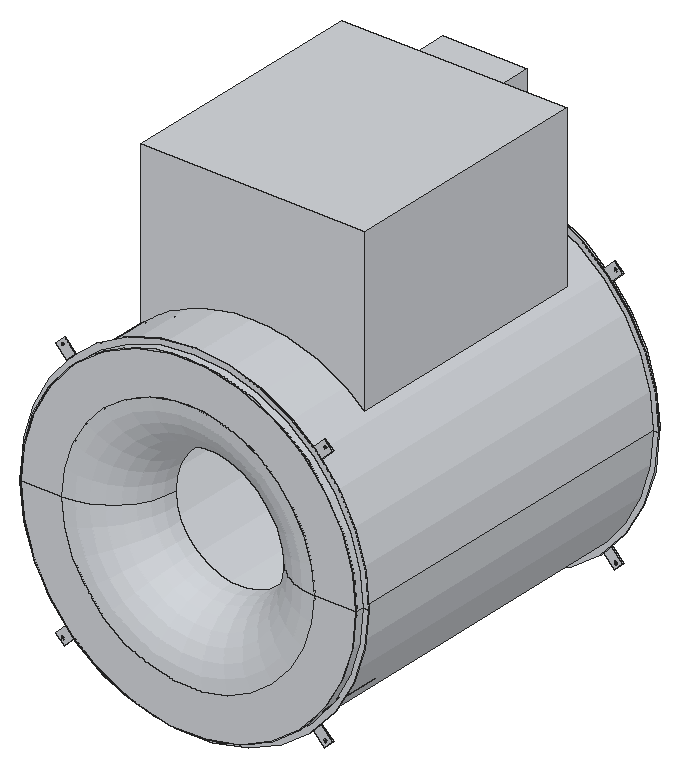
Revit family "QMX_Vertical", category Mechanical Equipment, Revit 2019
Family settings
  Round Connector Dimension = Use Radius
  Part Type = Normal
  Work Plane-Based = No
  Always vertical = Yes
  Cut with Voids When Loaded = No
  Shared = No
  Room Calculation Point = No
Parameters (values of type "600-QMX_VER")
  hole_dia = 7' - 9 3/4"
  hole = (sqrt((hole_dia ^ 2) / 2)) / 2  # 2' - 9.14563"
  Unit Weight [instance] = ""
  Sones [instance] = ""
  Motor RPM [instance] = ""
  Motor Enclosure [instance] = ""
  ModelID [instance] = ""
  MC/2 = 2' - 4 75/256"
  LwA [instance] = ""
  H/2 = H / 2  # 0' - 0 13/32"
  H = 0' - 0 13/16"
  G/2 = G / 2  # 3' - 11 7/16"
  Fan RPM [instance] = ""
  Brake Hp [instance] = ""
  BRACKET/2 = BRACKET / 2  # 0' - 2"
  BRACKET = 0' - 4"
  Accessories [instance] = ""
  45 = 45.00°
  3 = 0' - 3"  # constant formula
  1.9375 = 0' - 1 15/16"  # constant formula
  -(G/2)-.75 = -((G / 2) - 0' 0 3/4")  # -3' - 10 11/16"
  (G/2)-.75 = (G / 2) - 0' 0 3/4"  # 3' - 10 11/16"
  G+1.5 = G + 0' 1 1/2"  # 8' - 0 3/8"
  G = 7' - 10 7/8"
  F/2 = F / 2  # 2' - 8"
  F-1.5 = F - 0' 1 1/2"  # 5' - 2 1/2"
  F+1.5 = F + 0' 1 1/2"  # 5' - 5 1/2"
  F = 5' - 4"
  E-D-1.5 = E - D - 0' 1 1/2"  # 5' - 10 9/16"
  E-D = E - D  # 6' - 0 1/16"
  E = 10' - 2 1/16"
  D = 4' - 2"
  C/2 = C / 2  # 3' - 7 15/16"
  C = 7' - 3 7/8"
  B/8 = B / 6  # 1' - 3.91667"
  B/6 = B / 6  # 1' - 3.91667"
  B/3*2 = B / 3 * 2  # 5' - 3.66667"
  B/2 = B / 2  # 3' - 11 3/4"
  B/10 = B / 10  # 0' - 9.55"
  B = 7' - 11 1/2"
  A/8 = A / 8  # 0' - 10 39/64"
  A/4 = A / 4  # 1' - 9 7/32"
  A/2 = A / 2  # 3' - 6 7/16"
  A = 7' - 0 7/8"
  0 = 0' - 0"  # constant formula
  Voltage [instance] = 0 V
  URL = "www.lorencook.com"
  Type Comments = "Mixed Flow Inline Vertical Mount Belt Drive Arrangement 9"  # constant formula
  Static Pressure [instance] = 0.00 in-wg
  Power [instance] = Voltage * Motor FLA * sqrt(if(Phase = 3, 3, 1))  # 0 VA
  Phase [instance] = 0
  Number of Poles [instance] = 1
  Motor Hp [instance] = "0"
  Motor FLA [instance] = 0 A
  Model = "QMX-Vertical"  # constant formula
  Manufacturer = "Loren Cook Company"
  CFM [instance] = 0 CFM
  1.5 = 0' - 1 1/2"  # constant formula
  ONE EIGTH = 0' - 0 1/8"  # constant formula
  -(B/2) = -(B / 2)  # -3' - 11 3/4"
  (F+3)/2 = (F + 0' 3") / 2  # 2' - 9 1/2"
  (A/2)-.125 = (A / 2) - 0' 0 1/8"  # 3' - 6 5/16"
Types (19): name | hole_dia | hole | MC/2 | H/2 | H | G/2 | BRACKET/2 | BRACKET | -(G/2)-.75 | (G/2)-.75 | G+1.5 | G | F/2 | F-1.5 | F+1.5 | F | E-D-1.5 | E-D | E | D | C/2 | C | B/8 | B/6 | B/3*2 | B/2 | B/10 | B | A/8 | A/4 | A/2 | A | -(B/2) | (F+3)/2 | (A/2)-.125
  (no name) | 7' - 9 3/4" | 2' - 9.14563" | 2' - 4 75/256" | 0' - 0 13/32" | 0' - 0 13/16" | 3' - 11 7/16" | 0' - 2" | 0' - 4" | -3' - 10 11/16" | 3' - 10 11/16" | 8' - 0 3/8" | 7' - 10 7/8" | 2' - 8" | 5' - 2 1/2" | 5' - 5 1/2" | 5' - 4" | 5' - 10 9/16" | 6' - 0 1/16" | 10' - 2 1/16" | 4' - 2" | 3' - 7 15/16" | 7' - 3 7/8" | 1' - 3.91667" | 1' - 3.91667" | 5' - 3.66667" | 3' - 11 3/4" | 0' - 9.55" | 7' - 11 1/2" | 0' - 10 39/64" | 1' - 9 7/32" | 3' - 6 7/16" | 7' - 0 7/8" | -3' - 11 3/4" | 2' - 9 1/2" | 3' - 6 5/16"
  90-QMX_VER | 1' - 7 3/16" | 0' - 6.78381" | 0' - 6" | 0' - 0 1/4" | 0' - 0 1/2" | 0' - 9 3/16" | 0' - 1 1/2" | 0' - 3" | -0' - 8 7/16" | 0' - 8 7/16" | 1' - 7 7/8" | 1' - 6 3/8" | 0' - 6 3/16" | 0' - 10 7/8" | 1' - 1 7/8" | 1' - 0 3/8" | 1' - 9 1/4" | 1' - 10 3/4" | 2' - 7 1/4" | 0' - 8 1/2" | 0' - 7 15/16" | 1' - 3 7/8" | 0' - 3 5/16" | 0' - 3 5/16" | 1' - 1 1/4" | 0' - 9 15/16" | 0' - 1.9875" | 1' - 7 7/8" | 0' - 1 77/128" | 0' - 3 13/64" | 0' - 6 13/32" | 1' - 0 13/16" | -0' - 9 15/16" | 0' - 7 11/16" | 0' - 6 9/32"
  120-QMX_VER | 1' - 11 9/16" | 0' - 8.3306" | 0' - 8" | 0' - 0 1/4" | 0' - 0 1/2" | 0' - 11 1/4" | 0' - 1 1/2" | 0' - 3" | -0' - 10 1/2" | 0' - 10 1/2" | 2' - 0" | 1' - 10 1/2" | 0' - 7 3/4" | 1' - 2" | 1' - 5" | 1' - 3 1/2" | 2' - 0 11/16" | 2' - 2 3/16" | 3' - 0 11/16" | 0' - 10 1/2" | 0' - 10 1/32" | 1' - 8 1/16" | 0' - 4" | 0' - 4" | 1' - 4" | 1' - 0" | 0' - 2.4" | 2' - 0" | 0' - 2 17/128" | 0' - 4 17/64" | 0' - 8 17/32" | 1' - 5 1/16" | -1' - 0" | 0' - 9 1/4" | 0' - 8 13/32"
  135-QMX_VER | 2' - 1 13/16" | 0' - 9.1261" | 0' - 9" | 0' - 0 1/4" | 0' - 0 1/2" | 1' - 0 3/4" | 0' - 1 1/2" | 0' - 3" | -1' - 0" | 1' - 0" | 2' - 3" | 2' - 1 1/2" | 0' - 8 3/4" | 1' - 4" | 1' - 7" | 1' - 5 1/2" | 2' - 2" | 2' - 3 1/2" | 3' - 3 1/2" | 1' - 0" | 0' - 11 1/8" | 1' - 10 1/4" | 0' - 4 1/2" | 0' - 4 1/2" | 1' - 6" | 1' - 1 1/2" | 0' - 2.7" | 2' - 3" | 0' - 2 13/32" | 0' - 4 13/16" | 0' - 9 5/8" | 1' - 7 1/4" | -1' - 1 1/2" | 0' - 10 1/4" | 0' - 9 1/2"
  150-QMX_VER | 2' - 4" | 0' - 9.89949" | 0' - 10" | 0' - 0 1/4" | 0' - 0 1/2" | 1' - 2 5/16" | 0' - 1 1/2" | 0' - 3" | -1' - 1 9/16" | 1' - 1 9/16" | 2' - 6 1/8" | 2' - 4 5/8" | 0' - 9 3/8" | 1' - 5 1/4" | 1' - 8 1/4" | 1' - 6 3/4" | 2' - 3 3/8" | 2' - 4 7/8" | 3' - 6 1/16" | 1' - 1 3/16" | 1' - 0 3/16" | 2' - 0 3/8" | 0' - 5" | 0' - 5" | 1' - 8" | 1' - 3" | 0' - 3" | 2' - 6" | 0' - 2 43/64" | 0' - 5 11/32" | 0' - 10 11/16" | 1' - 9 3/8" | -1' - 3" | 0' - 10 7/8" | 0' - 10 9/16"
  165-QMX_VER | 2' - 6 1/8" | 0' - 10.6508" | 0' - 10" | 0' - 0 1/4" | 0' - 0 1/2" | 1' - 3 13/16" | 0' - 1 1/2" | 0' - 3" | -1' - 3 1/16" | 1' - 3 1/16" | 2' - 9 1/8" | 2' - 7 5/8" | 0' - 10 13/32" | 1' - 7 5/16" | 1' - 10 5/16" | 1' - 8 13/16" | 2' - 3 15/16" | 2' - 5 7/16" | 3' - 7 3/4" | 1' - 2 5/16" | 1' - 1 1/4" | 2' - 2 1/2" | 0' - 5 1/2" | 0' - 5 1/2" | 1' - 10" | 1' - 4 1/2" | 0' - 3.3" | 2' - 9" | 0' - 2 15/16" | 0' - 5 7/8" | 0' - 11 3/4" | 1' - 11 1/2" | -1' - 4 1/2" | 0' - 11 29/32" | 0' - 11 5/8"
  180-QMX_VER | 2' - 8 5/16" | 0' - 11.42419" | 0' - 10" | 0' - 0 9/32" | 0' - 0 9/16" | 1' - 4 13/16" | 0' - 1 1/2" | 0' - 3" | -1' - 4 1/16" | 1' - 4 1/16" | 2' - 11 1/8" | 2' - 9 5/8" | 0' - 11 13/32" | 1' - 9 5/16" | 2' - 0 5/16" | 1' - 10 13/16" | 2' - 5 1/4" | 2' - 6 3/4" | 3' - 10 1/4" | 1' - 3 1/2" | 1' - 2 5/16" | 2' - 4 5/8" | 0' - 5.83333" | 0' - 5.83333" | 1' - 11.33333" | 1' - 5 1/2" | 0' - 3 1/2" | 2' - 11" | 0' - 3 13/64" | 0' - 6 13/32" | 1' - 0 13/16" | 2' - 1 5/8" | -1' - 5 1/2" | 1' - 0 29/32" | 1' - 0 11/16"
  202-QMX_VER | 2' - 11 1/2" | 1' - 0.55115" | 0' - 10" | 0' - 0 9/32" | 0' - 0 9/16" | 1' - 6 1/16" | 0' - 1 1/2" | 0' - 3" | -1' - 5 5/16" | 1' - 5 5/16" | 3' - 1 5/8" | 3' - 0 1/8" | 1' - 0 1/8" | 1' - 10 3/4" | 2' - 1 3/4" | 2' - 0 1/4" | 2' - 7 3/16" | 2' - 8 11/16" | 4' - 1 15/16" | 1' - 5 1/4" | 1' - 3 7/8" | 2' - 7 3/4" | 0' - 6 1/4" | 0' - 6 1/4" | 2' - 1" | 1' - 6 3/4" | 0' - 3 3/4" | 3' - 1 1/2" | 0' - 3 19/32" | 0' - 7 3/16" | 1' - 2 3/8" | 2' - 4 3/4" | -1' - 6 3/4" | 1' - 1 5/8" | 1' - 2 1/4"
  225-QMX_VER | 3' - 2 3/4" | 1' - 1.70019" | 0' - 10 165/256" | 0' - 0 9/32" | 0' - 0 9/16" | 1' - 7 13/16" | 0' - 1 1/2" | 0' - 3" | -1' - 7 1/16" | 1' - 7 1/16" | 3' - 5 1/8" | 3' - 3 5/8" | 1' - 1 15/32" | 2' - 1 7/16" | 2' - 4 7/16" | 2' - 2 15/16" | 2' - 11 5/16" | 3' - 0 13/16" | 4' - 7 13/16" | 1' - 7" | 1' - 5 15/32" | 2' - 10 15/16" | 0' - 6.83333" | 0' - 6.83333" | 2' - 3.33333" | 1' - 8 1/2" | 0' - 4.1" | 3' - 5" | 0' - 3 127/128" | 0' - 7 63/64" | 1' - 3 31/32" | 2' - 7 15/16" | -1' - 8 1/2" | 1' - 2 31/32" | 1' - 3 27/32"
  245-QMX_VER | 3' - 5 9/16" | 1' - 2.69456" | 0' - 11 149/256" | 0' - 0 11/32" | 0' - 0 11/16" | 1' - 9 9/16" | 0' - 1 1/2" | 0' - 3" | -1' - 8 13/16" | 1' - 8 13/16" | 3' - 8 5/8" | 3' - 7 1/8" | 1' - 2 15/32" | 2' - 3 7/16" | 2' - 6 7/16" | 2' - 4 15/16" | 3' - 1" | 3' - 2 1/2" | 4' - 11" | 1' - 8 1/2" | 1' - 6 7/8" | 3' - 1 3/4" | 0' - 7.41667" | 0' - 7.41667" | 2' - 5.66667" | 1' - 10 1/4" | 0' - 4.45" | 3' - 8 1/2" | 0' - 4 11/32" | 0' - 8 11/16" | 1' - 5 3/8" | 2' - 10 3/4" | -1' - 10 1/4" | 1' - 3 31/32" | 1' - 5 1/4"
  270-QMX_VER | 3' - 9 1/8" | 1' - 3.9541" | 1' - 0 197/256" | 0' - 0 11/32" | 0' - 0 11/16" | 1' - 10 13/16" | 0' - 1 1/2" | 0' - 3" | -1' - 10 1/16" | 1' - 10 1/16" | 3' - 11 1/8" | 3' - 9 5/8" | 1' - 3 1/2" | 2' - 5 1/2" | 2' - 8 1/2" | 2' - 7" | 3' - 2 15/16" | 3' - 4 7/16" | 5' - 2 7/8" | 1' - 10 7/16" | 1' - 8 21/32" | 3' - 5 5/16" | 0' - 7.83333" | 0' - 7.83333" | 2' - 7.33333" | 1' - 11 1/2" | 0' - 4.7" | 3' - 11" | 0' - 4 101/128" | 0' - 9 37/64" | 1' - 7 5/32" | 3' - 2 5/16" | -1' - 11 1/2" | 1' - 5" | 1' - 7 1/32"
  300-QMX_VER | 4' - 1 3/8" | 1' - 5.4567" | 1' - 2 43/256" | 0' - 0 11/32" | 0' - 0 11/16" | 2' - 2 5/16" | 0' - 1 1/2" | 0' - 3" | -2' - 1 9/16" | 2' - 1 9/16" | 4' - 6 1/8" | 4' - 4 5/8" | 1' - 4 7/8" | 2' - 8 1/4" | 2' - 11 1/4" | 2' - 9 3/4" | 3' - 5 13/16" | 3' - 7 5/16" | 5' - 8 1/16" | 2' - 0 3/4" | 1' - 10 3/4" | 3' - 9 1/2" | 0' - 9" | 0' - 9" | 3' - 0" | 2' - 3" | 0' - 5.4" | 4' - 6" | 0' - 5 5/16" | 0' - 10 5/8" | 1' - 9 1/4" | 3' - 6 1/2" | -2' - 3" | 1' - 6 3/8" | 1' - 9 1/8"
  330-QMX_VER | 4' - 5 5/8" | 1' - 6.9593" | 1' - 3 149/256" | 0' - 0 11/32" | 0' - 0 11/16" | 2' - 4 9/16" | 0' - 1 1/2" | 0' - 3" | -2' - 3 13/16" | 2' - 3 13/16" | 4' - 10 5/8" | 4' - 9 1/8" | 1' - 6 3/8" | 2' - 11 1/4" | 3' - 2 1/4" | 3' - 0 3/4" | 3' - 10 5/16" | 3' - 11 13/16" | 6' - 2 13/16" | 2' - 3" | 2' - 0 7/8" | 4' - 1 3/4" | 0' - 9 3/4" | 0' - 9 3/4" | 3' - 3" | 2' - 5 1/4" | 0' - 5.85" | 4' - 10 1/2" | 0' - 5 27/32" | 0' - 11 11/16" | 1' - 11 3/8" | 3' - 10 3/4" | -2' - 5 1/4" | 1' - 7 7/8" | 1' - 11 1/4"
  365-QMX_VER | 4' - 11 1/2" | 1' - 9.03643" | 1' - 5 1/4" | 0' - 0 13/32" | 0' - 0 13/16" | 2' - 7 11/16" | 0' - 2" | 0' - 4" | -2' - 6 15/16" | 2' - 6 15/16" | 5' - 4 7/8" | 5' - 3 3/8" | 1' - 8 1/4" | 3' - 3" | 3' - 6" | 3' - 4 1/2" | 4' - 0 15/16" | 4' - 2 7/16" | 6' - 8 1/4" | 2' - 5 13/16" | 2' - 3 3/8" | 4' - 6 3/4" | 0' - 10.66667" | 0' - 10.66667" | 3' - 6.66667" | 2' - 8" | 0' - 6.4" | 5' - 4" | 0' - 6 15/32" | 1' - 0 15/16" | 2' - 1 7/8" | 4' - 3 3/4" | -2' - 8" | 1' - 9 3/4" | 2' - 1 3/4"
  402-QMX_VER | 5' - 4 7/8" | 1' - 10.93678" | 1' - 6 251/256" | 0' - 0 13/32" | 0' - 0 13/16" | 2' - 9 15/16" | 0' - 2" | 0' - 4" | -2' - 9 3/16" | 2' - 9 3/16" | 5' - 9 3/8" | 5' - 7 7/8" | 1' - 10" | 3' - 6 1/2" | 3' - 9 1/2" | 3' - 8" | 4' - 6 1/8" | 4' - 7 5/8" | 7' - 4 5/16" | 2' - 8 11/16" | 2' - 5 31/32" | 4' - 11 15/16" | 0' - 11.41667" | 0' - 11.41667" | 3' - 9.66667" | 2' - 10 1/4" | 0' - 6.85" | 5' - 8 1/2" | 0' - 7 15/128" | 1' - 2 15/64" | 2' - 4 15/32" | 4' - 8 15/16" | -2' - 10 1/4" | 1' - 11 1/2" | 2' - 4 11/32"
  445-QMX_VER | 5' - 10 7/8" | 2' - 1.0581" | 1' - 9 5/256" | 0' - 0 13/32" | 0' - 0 13/16" | 3' - 0 11/16" | 0' - 2" | 0' - 4" | -2' - 11 15/16" | 2' - 11 15/16" | 6' - 2 7/8" | 6' - 1 3/8" | 2' - 0 1/8" | 3' - 10 3/4" | 4' - 1 3/4" | 4' - 0 1/4" | 4' - 9 3/8" | 4' - 10 7/8" | 7' - 10 7/8" | 3' - 0" | 2' - 9 1/32" | 5' - 6 1/16" | 1' - 0.33333" | 1' - 0.33333" | 4' - 1.33333" | 3' - 1" | 0' - 7.4" | 6' - 2" | 0' - 7 113/128" | 1' - 3 49/64" | 2' - 7 17/32" | 5' - 3 1/16" | -3' - 1" | 2' - 1 5/8" | 2' - 7 13/32"
  490-QMX_VER | 6' - 6 1/8" | 2' - 3.62136" | 1' - 11 1/8" | 0' - 0 13/32" | 0' - 0 13/16" | 3' - 3 15/16" | 0' - 2" | 0' - 4" | -3' - 3 3/16" | 3' - 3 3/16" | 6' - 9 3/8" | 6' - 7 7/8" | 2' - 2 3/8" | 4' - 3 1/4" | 4' - 6 1/4" | 4' - 4 3/4" | 5' - 2 7/16" | 5' - 3 15/16" | 8' - 7 3/8" | 3' - 3 7/16" | 3' - 0 3/16" | 6' - 0 3/8" | 1' - 1.41667" | 1' - 1.41667" | 4' - 5.66667" | 3' - 4 1/4" | 0' - 8.05" | 6' - 8 1/2" | 0' - 8 43/64" | 1' - 5 11/32" | 2' - 10 11/16" | 5' - 9 3/8" | -3' - 4 1/4" | 2' - 3 7/8" | 2' - 10 9/16"
  540-QMX_VER | 7' - 1 3/16" | 2' - 6.11833" | 2' - 1 123/256" | 0' - 0 13/32" | 0' - 0 13/16" | 3' - 7 3/16" | 0' - 2" | 0' - 4" | -3' - 6 7/16" | 3' - 6 7/16" | 7' - 3 7/8" | 7' - 2 3/8" | 2' - 5" | 4' - 8 1/2" | 4' - 11 1/2" | 4' - 10" | 5' - 6 1/8" | 5' - 7 5/8" | 9' - 2 15/16" | 3' - 7 5/16" | 3' - 3 23/32" | 6' - 7 7/16" | 1' - 2 1/2" | 1' - 2 1/2" | 4' - 10" | 3' - 7 1/2" | 0' - 8.7" | 7' - 3" | 0' - 9 71/128" | 1' - 7 7/64" | 3' - 2 7/32" | 6' - 4 7/16" | -3' - 7 1/2" | 2' - 6 1/2" | 3' - 2 3/32"
  600-QMX_VER | 7' - 9 3/4" | 2' - 9.14563" | 2' - 4 75/256" | 0' - 0 13/32" | 0' - 0 13/16" | 3' - 11 7/16" | 0' - 2" | 0' - 4" | -3' - 10 11/16" | 3' - 10 11/16" | 8' - 0 3/8" | 7' - 10 7/8" | 2' - 8" | 5' - 2 1/2" | 5' - 5 1/2" | 5' - 4" | 5' - 10 9/16" | 6' - 0 1/16" | 10' - 2 1/16" | 4' - 2" | 3' - 7 15/16" | 7' - 3 7/8" | 1' - 3.91667" | 1' - 3.91667" | 5' - 3.66667" | 3' - 11 3/4" | 0' - 9.55" | 7' - 11 1/2" | 0' - 10 39/64" | 1' - 9 7/32" | 3' - 6 7/16" | 7' - 0 7/8" | -3' - 11 3/4" | 2' - 9 1/2" | 3' - 6 5/16"
Reference planes (in)
  plane 1 "Center (Front/Back)": y = 0
  plane 2: z = 0
  plane 3 "Center (Left/Right)": x = 0.40541
Forms (in)
  Extrusion 1, solid
    sketch origin (0, 0, 0) x (1, 0, 0) y (0, 0, 1)
      loop
        circle (0.40541, 0) r 42.4375
      loop
        circle (0.40541, 0) r 42.3125
    from -47.75 <- "-(B/2)" to 47.75 <- "B/2"
  Revolve 2, solid
    sketch origin (0, 0, 0) x (1, 0, 0) y (0, 1, 0)
      loop
        line (-41.90709, -47.75) -> (0.40541, -47.75) -> (0.40541, -31.83333) -> (-41.90709, -31.83333) -> (-41.90709, -47.75)
      axis (0.40541, -47.75) -> (0.40541, -31.83333)
    angle from 0 to 360
  Revolve 3, void
    sketch origin (0, 0, 0) x (1, 0, 0) y (0, 1, 0)
      loop
        line (0.40541, -31.83333) -> (-15.51125, -31.83333)
        arc (-15.51125, -31.83333) -> (-20.17314, -43.08812) -> (-31.42792, -47.75) r 15.91667
        line (-31.42792, -47.75) -> (0.40541, -47.75) -> (0.40541, -31.83333)
      axis (0.40541, -31.83333) -> (0.40541, -47.75)
    angle from 0 to 360
  Revolve 4, solid
    sketch origin (0, 0, 0) x (1, 0, 0) y (0, 1, 0)
      loop
        line (0.40541, 47.75) -> (-15.51125, 47.75) -> (-15.51125, 0) -> (0.40541, 0) -> (0.40541, 47.75)
      axis (0.40541, 47.75) -> (0.40541, 0)
    angle from 0 to 360
  Revolve 5, solid
    sketch origin (0, 0, 0) x (1, 0, 0) y (0, 1, 0)
      loop
        line (-43.53209, 45.8125) -> (-43.53209, 45.6875) -> (-42.03209, 45.6875) -> (-42.03209, 45.8125) -> (-43.53209, 45.8125)
      loop
        line (-43.53209, -45.6875) -> (-43.53209, -45.8125) -> (-42.03209, -45.8125) -> (-42.03209, -45.6875) -> (-43.53209, -45.6875)
      axis (0.40541, 45.8125) -> (0.40541, -45.8125)
    angle from 0 to 360
  Extrusion 6, solid
    sketch origin (0.40541, 45.6875, 0) x (-1, 0, 0) y (0, 0, -1)
      loop
        arc (10.60937, -41.08993) -> (0, -42.4375) -> (-10.60938, -41.08993) r 42.4375
        line (-10.60938, -41.08993) -> (-10.60938, -70.5625) -> (10.60937, -70.5625) -> (10.60937, -41.08993)
    from 0 to 9.55 <- "B/10"
  Extrusion 7, solid
    sketch origin (0.40541, 36.1375, 0) x (-1, 0, 0) y (0, 0, -1)
      loop
        line (-28.29297, -31.62988) -> (-28.29297, -72.0625) -> (28.29297, -72.0625) -> (28.29297, -31.62988)
        arc (28.29297, -31.62988) -> (0, -42.4375) -> (-28.29297, -31.62988) r 42.4375
    from 0 to 63.66667 <- "B/3*2"
  Extrusion 8, solid
    sketch origin (0.40541, -45.8125, 0) x (-1, 0, 0) y (0, 0, -1)
      loop
        line (32.11105, 29.98973) -> (34.93948, 32.81816) -> (32.81816, 34.93948) -> (29.98973, 32.11105)
        arc (29.98973, 32.11105) -> (31.0685, 31.0685) -> (32.11105, 29.98973) r 43.9375
    from 0 to -0.125
  Extrusion 9, solid
    sketch origin (0.40541, -45.8125, 0) x (0, 0, -1) y (1, 0, 0)
      loop
        line (32.11105, 29.98973) -> (34.93948, 32.81816) -> (32.81816, 34.93948) -> (29.98973, 32.11105)
        arc (29.98973, 32.11105) -> (31.0685, 31.0685) -> (32.11105, 29.98973) r 43.9375
    from 0 to -0.125
  Extrusion 10, solid
    sketch origin (0.40541, -45.8125, 0) x (1, 0, 0) y (0, 0, 1)
      loop
        line (32.11105, 29.98973) -> (34.93948, 32.81816) -> (32.81816, 34.93948) -> (29.98973, 32.11105)
        arc (29.98973, 32.11105) -> (31.0685, 31.0685) -> (32.11105, 29.98973) r 43.9375
    from 0 to -0.125
  Extrusion 11, solid
    sketch origin (0.40541, -45.8125, 0) x (0, 0, 1) y (-1, 0, 0)
      loop
        line (32.11105, 29.98973) -> (34.93948, 32.81816) -> (32.81816, 34.93948) -> (29.98973, 32.11105)
        arc (29.98973, 32.11105) -> (31.0685, 31.0685) -> (32.11105, 29.98973) r 43.9375
    from 0 to -0.125
  Extrusion 12, solid
    sketch origin (0.40541, 45.8125, 0) x (0, 0, -1) y (-1, 0, 0)
      loop
        line (29.98973, -32.11105) -> (32.81816, -34.93948) -> (34.93948, -32.81816) -> (32.11105, -29.98973)
        arc (32.11105, -29.98973) -> (31.0685, -31.0685) -> (29.98973, -32.11105) r 43.9375
      loop
        arc (-29.98973, -32.11105) -> (-31.0685, -31.0685) -> (-32.11105, -29.98973) r 43.9375
        line (-32.11105, -29.98973) -> (-34.93948, -32.81816) -> (-32.81816, -34.93948) -> (-29.98973, -32.11105)
      loop
        arc (-32.11105, 29.98973) -> (-31.0685, 31.0685) -> (-29.98973, 32.11105) r 43.9375
        line (-29.98973, 32.11105) -> (-32.81816, 34.93948) -> (-34.93948, 32.81816) -> (-32.11105, 29.98973)
      loop
        arc (29.98973, 32.11105) -> (31.0685, 31.0685) -> (32.11105, 29.98973) r 43.9375
        line (32.11105, 29.98973) -> (34.93948, 32.81816) -> (32.81816, 34.93948) -> (29.98973, 32.11105)
    from 0 to -0.125
  Extrusion 13, void
    sketch origin (0.40541, 45.8125, 0) x (0, 0, 1) y (-1, 0, 0)
      loop
        circle (-33.14563, -33.14563) r 0.40625
      loop
        circle (33.14563, -33.14563) r 0.40625
      loop
        circle (33.14563, 33.14563) r 0.40625
      loop
        circle (-33.14563, 33.14563) r 0.40625
    from 0 to 0.125
  Extrusion 14, void
    sketch origin (0.40541, -45.8125, 0) x (1, 0, 0) y (0, 0, -1)
      loop
        circle (-33.14563, -33.14563) r 0.40625
      loop
        circle (-33.14563, 33.14563) r 0.40625
      loop
        circle (33.14563, 33.14563) r 0.40625
      loop
        circle (33.14563, -33.14563) r 0.40625
    from 0 to 0.125
Cuts and joins
  Revolve 3 cuts Revolve 2
  Extrusion 13, Extrusion 14 cuts Revolve 5
  Extrusion 13 cuts Extrusion 12
  Extrusion 14 cuts Extrusion 8
  Extrusion 14 cuts Extrusion 9
  Extrusion 14 cuts Extrusion 10
  Extrusion 14 cuts Extrusion 11
Dimensions and locks (in)
  "0": Extrusion 1 sketch curve to level  (x2)
  "0": Revolve 2 sketch curve to plane 3 "Center (Left/Right)"  (x2)
  "0": Revolve 2 sketch curve to Extrusion 1
  "(A/2)-.125": Revolve 2 sketch curve to plane 3 "Center (Left/Right)"
  "B/8": Revolve 2 sketch curve to Extrusion 1
  "B/8": Revolve 3 sketch curve to plane 3 "Center (Left/Right)"
  "0": Revolve 3 sketch curve to Extrusion 1
  "0": Revolve 3 sketch curve to Revolve 2
  "0": Revolve 3 sketch curve to plane 3 "Center (Left/Right)"  (x2)
  "0": Revolve 4 sketch curve to plane 1 "Center (Front/Back)"
  "0": Revolve 4 sketch curve to plane 3 "Center (Left/Right)"  (x2)
  "B/8": Revolve 4 sketch curve to Revolve 4 sketch curve
  "ONE EIGTH": Revolve 5 sketch curve to Revolve 5 sketch curve  (x2)
  "A/2": Revolve 5 sketch curve to plane 3 "Center (Left/Right)"  (x2)
  "C/2": Revolve 5 sketch curve to plane 3 "Center (Left/Right)"  (x2)
  "0": Revolve 5 sketch curve to plane 3 "Center (Left/Right)"
  "A/8": plane 3 "Center (Left/Right)" to Extrusion 6 sketch curve
  "A/8": Extrusion 6 sketch curve to plane 3 "Center (Left/Right)"
  "E-D-1.5": Extrusion 6 sketch curve to level
  "E-D": Extrusion 7 sketch curve to level
  "MC/2": Extrusion 7 sketch curve to plane 3 "Center (Left/Right)"
  "MC/2": plane 3 "Center (Left/Right)" to Extrusion 7 sketch curve
  "0": Extrusion 7 sketch curve to level
  "0": plane 3 "Center (Left/Right)" to Extrusion 7 sketch curve
  "0": Extrusion 1 to Revolve 4 sketch curve
  "0": Extrusion 6 sketch curve to plane 3 "Center (Left/Right)"
  "3": Extrusion 8 sketch curve to Extrusion 8 sketch curve
  "BRACKET": Extrusion 8 sketch curve to Extrusion 8 sketch curve
  "0": Extrusion 8 sketch curve to level
  "0": Extrusion 8 sketch curve to plane 3 "Center (Left/Right)"
  "1.5": Extrusion 8 sketch curve to plane 3 "Center (Left/Right)"
  "3": Extrusion 9 sketch curve to Extrusion 9 sketch curve
  "BRACKET": Extrusion 9 sketch curve to Extrusion 9 sketch curve
  "3": Extrusion 10 sketch curve to Extrusion 10 sketch curve
  "BRACKET": Extrusion 10 sketch curve to Extrusion 10 sketch curve
  "3": Extrusion 11 sketch curve to Extrusion 11 sketch curve
  "BRACKET": Extrusion 11 sketch curve to Extrusion 11 sketch curve
  "1.5": Extrusion 9 sketch curve to plane 3 "Center (Left/Right)"
  "0": Extrusion 9 sketch curve to level
  "0": Extrusion 9 sketch curve to plane 3 "Center (Left/Right)"
  "0": Extrusion 10 sketch curve to level
  "0": Extrusion 10 sketch curve to plane 3 "Center (Left/Right)"
  "1.5": Extrusion 10 sketch curve to plane 3 "Center (Left/Right)"
  "1.5": Extrusion 11 sketch curve to plane 3 "Center (Left/Right)"
  "0": Extrusion 11 sketch curve to level
  "0": plane 3 "Center (Left/Right)" to Extrusion 11 sketch curve
  "0": Extrusion 12 sketch curve to Extrusion 9  (x3)
  "0": Extrusion 12 sketch curve to Extrusion 10
  Extrusion 12 sketch curve to Extrusion 10 = 0' - 0"
  "0": Extrusion 12 sketch curve to Extrusion 11  (x2)
  "0": Extrusion 11 to Extrusion 12 sketch curve
  "0": Extrusion 12 sketch curve to Extrusion 8  (x3)
  "hole": Extrusion 13 sketch curve to level  (x2)
  "hole": Extrusion 13 sketch curve to plane 3 "Center (Left/Right)"  (x2)
  "hole": level to Extrusion 13 sketch curve  (x2)
  "hole": plane 3 "Center (Left/Right)" to Extrusion 13 sketch curve  (x2)
  "hole": plane 3 "Center (Left/Right)" to Extrusion 14 sketch curve  (x2)
  "hole": Extrusion 14 sketch curve to level  (x2)
  "hole": level to Extrusion 14 sketch curve  (x2)
  "hole": Extrusion 14 sketch curve to plane 3 "Center (Left/Right)"  (x2)
  "1.9375": Extrusion 1 to Revolve 5 sketch curve
  "1.9375": Revolve 5 sketch curve to Extrusion 1
  "0": plane 3 "Center (Left/Right)" to Extrusion 12 sketch curve  (x4)
  "0": Extrusion 12 sketch curve to cut or joined group of Extrusion 10, Extrusion 14  (x2)
  "3": Extrusion 12 sketch curve to Extrusion 12 sketch curve
  "A/2": radius of Extrusion 1 sketch curve
  "(A/2)-.125": radius of Extrusion 1 sketch curve
  "B/8": radius of Revolve 3 sketch curve
  "A/2": radius of Extrusion 6 sketch curve
  "A/2": radius of Extrusion 7 sketch curve
  "C/2": radius of Extrusion 8 sketch curve
  "C/2": radius of Extrusion 9 sketch curve
  "C/2": radius of Extrusion 10 sketch curve
  "C/2": radius of Extrusion 11 sketch curve
  "C/2": radius of Extrusion 12 sketch curve  (x4)
  "H/2": radius of Extrusion 13 sketch curve  (x4)
  "H/2": radius of Extrusion 14 sketch curve  (x4)
  "45": angle level to Extrusion 8 sketch curve
  "45": angle Extrusion 9 sketch curve to level
  "45": angle level to Extrusion 10 sketch curve
  "45": angle Extrusion 11 sketch curve to level
Automatic sketch dimensions
  Extrusion 1 sketch curve to Extrusion 1 sketch curve = 0' - 0"
  Extrusion 1 sketch curve to plane 3 "Center (Left/Right)" = 0' - 0"
  Revolve 2 sketch curve to Revolve 2 sketch curve = 0' - 0"
  plane 1 "Center (Front/Back)" to Revolve 2 sketch curve = 0' - 3.17163"
  Revolve 3 sketch curve to Revolve 3 sketch curve = 0' - 0"  (x3)
  Revolve 3 sketch curve to Revolve 3 sketch curve = 0' - 3"
  Revolve 4 sketch curve to plane 1 "Center (Front/Back)" = 0' - 0"
  Revolve 4 sketch curve to Revolve 4 sketch curve = 0' - 4"
  Extrusion 6 sketch curve to Revolve 5 = 0' - 0"
  Extrusion 6 sketch curve to Extrusion 6 sketch curve = 0' - 0"
  Extrusion 7 sketch curve to Extrusion 7 sketch curve = 0' - 0"
  Revolve 5 sketch curve to Revolve 5 sketch curve = 0' - 4.07114"
  Revolve 5 sketch curve to Revolve 5 sketch curve = 0' - 4"
  Extrusion 12 sketch curve to Extrusion 12 sketch curve = 0' - 0"  (x3)
  Extrusion 12 sketch curve to Revolve 5 = 0' - 0"
Connectors (in)
  electrical at (-27.88756, 4.30417, 51.84619)
    settings: on Extrusion 7, index 1, voltage 0 V, apparent load 0 VA, apparent load phase1 0 VA, apparent load phase2 0 VA, apparent load phase3 0 VA, power factor 1, load classification "Other", number of poles 1, system type 30, power factor state 1, is connector primary yes, connector utility no, sub classification motor no, connector description ""
  hvac at (0.40541, -47.75, 0), driven by "A/2"
    settings: on cut or joined group of Revolve 2, Revolve 3, index 2, duct flow 0 CFM, flow factor 0, pres drop 0.00 in-wg, loss coef 0, conn angle 0.00°, conn width 12", conn height 12", conn diameter 84 7/8", duct sys type 29, conn prof type 0, flow config 0, flow direction 1, loss method 0, conn ref index -1, conn util no, is conn primary yes, conn desc ""
  hvac at (0.40541, 47.75, 0), driven by "A/2"
    settings: on Extrusion 1, index 3, duct flow 0 CFM, flow factor 0, pres drop 0.00 in-wg, loss coef 0, conn angle 0.00°, conn width 12", conn height 12", conn diameter 84 7/8", duct sys type 29, conn prof type 0, flow config 0, flow direction 2, loss method 0, conn ref index -1, conn util no, is conn primary no, conn desc ""
